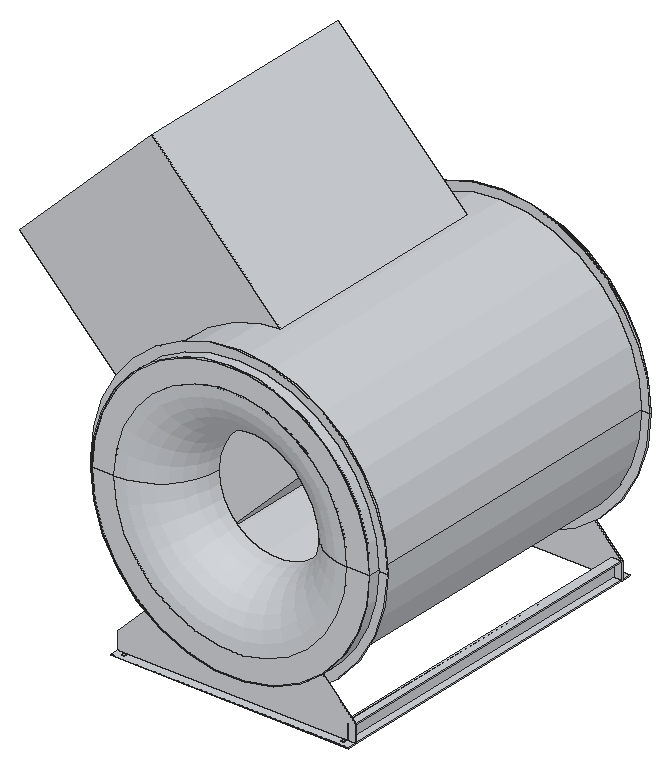
Revit family "QMX-HP_Horizontal_Level_2", category Mechanical Equipment, Revit 2019
Family settings
  Round Connector Dimension = Use Radius
  Part Type = Normal
  OmniClass Number = 23.75.35.17
  OmniClass Title = Fans
  Work Plane-Based = No
  Always vertical = Yes
  Cut with Voids When Loaded = No
  Shared = No
  Room Calculation Point = No
Parameters (values of type "330-QMX-HP_HOR_LEVEL_2")
  Unit Weight [instance] = ""
  Type_Mark [instance] = ""
  Sones [instance] = ""
  ROTATION = 45.00°  # constant formula
  POSITION [instance] = if(MOT_H, 84", if(MOT_G, 72", if(MOT_F, 60", if(MOT_E, 48", if(MOT_D, 36", if(MOT_C, 24", if(MOT_B, 12", 0")))))))  # 84"
  Motor RPM [instance] = ""
  Motor Enclosure [instance] = ""
  ModelID [instance] = ""
  MOT_H [instance] = yes
  MOT_G [instance] = no
  MOT_F [instance] = no
  MOT_E [instance] = no
  MOT_D [instance] = no
  MOT_C [instance] = no
  MOT_B [instance] = no
  MOT_A [instance] = no
  MOTOR_H [instance] = if(POSITION = 84", E - D, 1")  # 47 13/16"
  MOTOR_G [instance] = if(POSITION = 72", E - D, 1")  # 1"
  MOTOR_F [instance] = if(POSITION = 60", E - D, 1")  # 1"
  MOTOR_E [instance] = if(POSITION = 48", E - D, 1")  # 1"
  MOTOR_D [instance] = if(POSITION = 36", E - D, 1")  # 1"
  MOTOR_C [instance] = if(POSITION = 24", E - D, 1")  # 1"
  MOTOR_B [instance] = if(POSITION = 12", E - D, 1")  # 1"
  MOTOR_A [instance] = if(POSITION = 0", E - D, 1")  # 1"
  MCHALF = 15 149/256"
  MOTORCOVER = MCHALF * 2  # 31 21/128"
  LwA [instance] = ""
  H/2 = H / 2  # 11/32"
  H = 11/16"
  G/2 = G / 2  # 28 9/16"
  Fan RPM [instance] = ""
  Brake Hp [instance] = ""
  Accessories [instance] = ""
  90 = 90.00°  # constant formula
  45 = 45.00°
  3 = 3"  # constant formula
  1.9375 = 1 15/16"  # constant formula
  -B/3*2 = -B / 3 * 2  # -39"
  -(G/2)-.75 = -((G / 2) - 3/4")  # -27 13/16"
  (G/2)-.75 = (G / 2) - 3/4"  # 27 13/16"
  G+1.5 = G + 1 1/2"  # 58 5/8"
  G = 57 1/8"
  F/2 = F / 2  # 18 3/8"
  F-1.5 = F - 1 1/2"  # 35 1/4"
  F+1.5 = F + 1 1/2"  # 38 1/4"
  F = 36 3/4"
  E-D-1.5 = E - D - 1 1/2"  # 46 5/16"
  E-D = E - D  # 47 13/16"
  E = 74 13/16"
  D = 27"
  C/2 = C / 2  # 24 7/8"
  C = 49 3/4"
  B/8 = B / 6  # 9 3/4"
  B/6 = B / 6  # 9 3/4"
  B/3*2 = B / 3 * 2  # 39"
  B/2 = B / 2  # 29 1/4"
  B/10 = B / 10  # 5.85"
  B = 58 1/2"
  A/8 = A / 8  # 5 27/32"
  A/4 = A / 4  # 11 11/16"
  A/2 = A / 2  # 23 3/8"
  A = 46 3/4"
  0 = 0"  # constant formula
  Voltage [instance] = 0 V
  URL = "www.lorencook.com"
  Type Comments = "Mixed Flow Inline Horizontal Mount Level 2 Belt Drive Arrangement 9"  # constant formula
  Static Pressure [instance] = 0.00 in-wg
  Power [instance] = Voltage * Motor FLA * sqrt(if(Phase = 3, 3, 1))  # 0 VA
  Phase [instance] = 0
  Number of Poles [instance] = 1
  Motor Hp [instance] = "0"
  Motor FLA [instance] = 0 A
  Model = "QMX-HP Level 2"  # constant formula
  Manufacturer = "Loren Cook Company"
  CFM [instance] = 0 CFM
  1.5 = 1 1/2"  # constant formula
  ONE EIGTH = 1/8"  # constant formula
  -(B/2) = -(B / 2)  # -29 1/4"
  (F+3)/2 = (F + 3") / 2  # 19 7/8"
  (A/2)-.125 = (A / 2) - 1/8"  # 23 1/4"
Types (19): name | POSITION | MOT_H | MOT_G | MOT_B | MOTOR_H | MOTOR_G | MOTOR_B | MCHALF | MOTORCOVER | H/2 | H | G/2 | -B/3*2 | -(G/2)-.75 | (G/2)-.75 | G+1.5 | G | F/2 | F-1.5 | F+1.5 | F | E-D-1.5 | E-D | E | D | C/2 | C | B/8 | B/6 | B/3*2 | B/2 | B/10 | B | A/8 | A/4 | A/2 | A | -(B/2) | (F+3)/2 | (A/2)-.125
  (no name) | 84" | yes | no | no | 47 13/16" | 1" | 1" | 15 149/256" | 31 21/128" | 11/32" | 11/16" | 28 9/16" | -39" | -27 13/16" | 27 13/16" | 58 5/8" | 57 1/8" | 18 3/8" | 35 1/4" | 38 1/4" | 36 3/4" | 46 5/16" | 47 13/16" | 74 13/16" | 27" | 24 7/8" | 49 3/4" | 9 3/4" | 9 3/4" | 39" | 29 1/4" | 5.85" | 58 1/2" | 5 27/32" | 11 11/16" | 23 3/8" | 46 3/4" | -29 1/4" | 19 7/8" | 23 1/4"
  90-QMX-HP_HOR_LEVEL_2 | 84" | yes | no | no | 22 3/4" | 1" | 1" | 6" | 12" | 1/4" | 1/2" | 9 3/16" | -13 1/4" | -8 7/16" | 8 7/16" | 19 7/8" | 18 3/8" | 6 3/16" | 10 7/8" | 13 7/8" | 12 3/8" | 21 1/4" | 22 3/4" | 31 1/4" | 8 1/2" | 7 15/16" | 15 7/8" | 3 5/16" | 3 5/16" | 13 1/4" | 9 15/16" | 1.9875" | 19 7/8" | 1 77/128" | 3 13/64" | 6 13/32" | 12 13/16" | -9 15/16" | 7 11/16" | 6 9/32"
  120-QMX-HP_HOR_LEVEL_2 | 84" | yes | no | no | 26 3/16" | 1" | 1" | 8" | 16" | 1/4" | 1/2" | 11 1/4" | -16" | -10 1/2" | 10 1/2" | 24" | 22 1/2" | 7 3/4" | 14" | 17" | 15 1/2" | 24 11/16" | 26 3/16" | 36 11/16" | 10 1/2" | 10 1/32" | 20 1/16" | 4" | 4" | 16" | 12" | 2.4" | 24" | 2 17/128" | 4 17/64" | 8 17/32" | 17 1/16" | -12" | 9 1/4" | 8 13/32"
  135-QMX-HP_HOR_LEVEL_2 | 84" | yes | no | no | 27 3/8" | 1" | 1" | 9" | 18" | 1/4" | 1/2" | 12 3/4" | -18" | -12" | 12" | 27" | 25 1/2" | 8 3/4" | 16" | 19" | 17 1/2" | 25 7/8" | 27 3/8" | 39 3/8" | 12" | 11 1/8" | 22 1/4" | 4 1/2" | 4 1/2" | 18" | 13 1/2" | 2.7" | 27" | 2 13/32" | 4 13/16" | 9 5/8" | 19 1/4" | -13 1/2" | 10 1/4" | 9 1/2"
  150-QMX-HP_HOR_LEVEL_2 | 84" | yes | no | no | 28 7/8" | 1" | 1" | 10" | 20" | 1/4" | 1/2" | 14 5/16" | -20" | -13 9/16" | 13 9/16" | 30 1/8" | 28 5/8" | 9 3/8" | 17 1/4" | 20 1/4" | 18 3/4" | 27 3/8" | 28 7/8" | 42 1/16" | 13 3/16" | 12 3/16" | 24 3/8" | 5" | 5" | 20" | 15" | 3" | 30" | 2 43/64" | 5 11/32" | 10 11/16" | 21 3/8" | -15" | 10 7/8" | 10 9/16"
  165-QMX-HP_HOR_LEVEL_2 | 84" | yes | no | no | 29 5/16" | 1" | 1" | 10" | 20" | 1/4" | 1/2" | 15 13/16" | -22" | -15 1/16" | 15 1/16" | 33 1/8" | 31 5/8" | 10 13/32" | 19 5/16" | 22 5/16" | 20 13/16" | 27 13/16" | 29 5/16" | 43 5/8" | 14 5/16" | 13 1/4" | 26 1/2" | 5 1/2" | 5 1/2" | 22" | 16 1/2" | 3.3" | 33" | 2 15/16" | 5 7/8" | 11 3/4" | 23 1/2" | -16 1/2" | 11 29/32" | 11 5/8"
  180-QMX-HP_HOR_LEVEL_2 | 84" | yes | no | no | 30 3/4" | 1" | 1" | 10" | 20" | 9/32" | 9/16" | 16 13/16" | -23.33333" | -16 1/16" | 16 1/16" | 35 1/8" | 33 5/8" | 11 13/32" | 21 5/16" | 24 5/16" | 22 13/16" | 29 1/4" | 30 3/4" | 46 1/4" | 15 1/2" | 14 5/16" | 28 5/8" | 5.83333" | 5.83333" | 23.33333" | 17 1/2" | 3 1/2" | 35" | 3 13/64" | 6 13/32" | 12 13/16" | 25 5/8" | -17 1/2" | 12 29/32" | 12 11/16"
  202-QMX-HP_HOR_LEVEL_2 | 84" | yes | no | no | 32 11/16" | 1" | 1" | 10" | 20" | 9/32" | 9/16" | 18 1/16" | -25" | -17 5/16" | 17 5/16" | 37 5/8" | 36 1/8" | 12 1/8" | 22 3/4" | 25 3/4" | 24 1/4" | 31 3/16" | 32 11/16" | 49 15/16" | 17 1/4" | 15 7/8" | 31 3/4" | 6 1/4" | 6 1/4" | 25" | 18 3/4" | 3 3/4" | 37 1/2" | 3 19/32" | 7 3/16" | 14 3/8" | 28 3/4" | -18 3/4" | 13 5/8" | 14 1/4"
  225-QMX-HP_HOR_LEVEL_2 | 84" | yes | no | no | 36 13/16" | 1" | 1" | 10 165/256" | 21 37/128" | 9/32" | 9/16" | 19 13/16" | -27.33333" | -19 1/16" | 19 1/16" | 41 1/8" | 39 5/8" | 13 15/32" | 25 7/16" | 28 7/16" | 26 15/16" | 35 5/16" | 36 13/16" | 55 13/16" | 19" | 17 15/32" | 34 15/16" | 6.83333" | 6.83333" | 27.33333" | 20 1/2" | 4.1" | 41" | 3 127/128" | 7 63/64" | 15 31/32" | 31 15/16" | -20 1/2" | 14 31/32" | 15 27/32"
  245-QMX-HP_HOR_LEVEL_2 | 84" | yes | no | no | 38 1/2" | 1" | 1" | 11 149/256" | 23 21/128" | 11/32" | 11/16" | 21 9/16" | -29.66667" | -20 13/16" | 20 13/16" | 44 5/8" | 43 1/8" | 14 15/32" | 27 7/16" | 30 7/16" | 28 15/16" | 37" | 38 1/2" | 59" | 20 1/2" | 18 7/8" | 37 3/4" | 7.41667" | 7.41667" | 29.66667" | 22 1/4" | 4.45" | 44 1/2" | 4 11/32" | 8 11/16" | 17 3/8" | 34 3/4" | -22 1/4" | 15 31/32" | 17 1/4"
  270-QMX-HP_HOR_LEVEL_2 | 12" | no | no | yes | 1" | 1" | 40 7/16" | 12 197/256" | 25 69/128" | 11/32" | 11/16" | 22 13/16" | -31.33333" | -22 1/16" | 22 1/16" | 47 1/8" | 45 5/8" | 15 1/2" | 29 1/2" | 32 1/2" | 31" | 38 15/16" | 40 7/16" | 62 7/8" | 22 7/16" | 20 21/32" | 41 5/16" | 7.83333" | 7.83333" | 31.33333" | 23 1/2" | 4.7" | 47" | 4 101/128" | 9 37/64" | 19 5/32" | 38 5/16" | -23 1/2" | 17" | 19 1/32"
  300-QMX-HP_HOR_LEVEL_2 | 84" | yes | no | no | 43 5/16" | 1" | 1" | 14 43/256" | 28 43/128" | 11/32" | 11/16" | 26 5/16" | -36" | -25 9/16" | 25 9/16" | 54 1/8" | 52 5/8" | 16 7/8" | 32 1/4" | 35 1/4" | 33 3/4" | 41 13/16" | 43 5/16" | 68 1/16" | 24 3/4" | 22 3/4" | 45 1/2" | 9" | 9" | 36" | 27" | 5.4" | 54" | 5 5/16" | 10 5/8" | 21 1/4" | 42 1/2" | -27" | 18 3/8" | 21 1/8"
  330-QMX-HP_HOR_LEVEL_2 | 84" | yes | no | no | 47 13/16" | 1" | 1" | 15 149/256" | 31 21/128" | 11/32" | 11/16" | 28 9/16" | -39" | -27 13/16" | 27 13/16" | 58 5/8" | 57 1/8" | 18 3/8" | 35 1/4" | 38 1/4" | 36 3/4" | 46 5/16" | 47 13/16" | 74 13/16" | 27" | 24 7/8" | 49 3/4" | 9 3/4" | 9 3/4" | 39" | 29 1/4" | 5.85" | 58 1/2" | 5 27/32" | 11 11/16" | 23 3/8" | 46 3/4" | -29 1/4" | 19 7/8" | 23 1/4"
  365-QMX-HP_HOR_LEVEL_2 | 84" | yes | no | no | 50 7/16" | 1" | 1" | 17 1/4" | 34 1/2" | 13/32" | 13/16" | 31 11/16" | -42.66667" | -30 15/16" | 30 15/16" | 64 7/8" | 63 3/8" | 20 1/4" | 39" | 42" | 40 1/2" | 48 15/16" | 50 7/16" | 80 1/4" | 29 13/16" | 27 3/8" | 54 3/4" | 10.66667" | 10.66667" | 42.66667" | 32" | 6.4" | 64" | 6 15/32" | 12 15/16" | 25 7/8" | 51 3/4" | -32" | 21 3/4" | 25 3/4"
  402-QMX-HP_HOR_LEVEL_2 | 72" | no | yes | no | 1" | 55 5/8" | 1" | 18 251/256" | 37 123/128" | 13/32" | 13/16" | 33 15/16" | -45.66667" | -33 3/16" | 33 3/16" | 69 3/8" | 67 7/8" | 22" | 42 1/2" | 45 1/2" | 44" | 54 1/8" | 55 5/8" | 88 5/16" | 32 11/16" | 29 31/32" | 59 15/16" | 11.41667" | 11.41667" | 45.66667" | 34 1/4" | 6.85" | 68 1/2" | 7 15/128" | 14 15/64" | 28 15/32" | 56 15/16" | -34 1/4" | 23 1/2" | 28 11/32"
  445-QMX-HP_HOR_LEVEL_2 | 84" | yes | no | no | 58 7/8" | 1" | 1" | 21 5/256" | 42 5/128" | 13/32" | 13/16" | 36 11/16" | -49.33333" | -35 15/16" | 35 15/16" | 74 7/8" | 73 3/8" | 24 1/8" | 46 3/4" | 49 3/4" | 48 1/4" | 57 3/8" | 58 7/8" | 94 7/8" | 36" | 33 1/32" | 66 1/16" | 12.33333" | 12.33333" | 49.33333" | 37" | 7.4" | 74" | 7 113/128" | 15 49/64" | 31 17/32" | 63 1/16" | -37" | 25 5/8" | 31 13/32"
  490-QMX-HP_HOR_LEVEL_2 | 84" | yes | no | no | 63 15/16" | 1" | 1" | 23 1/8" | 46 1/4" | 13/32" | 13/16" | 39 15/16" | -53.66667" | -39 3/16" | 39 3/16" | 81 3/8" | 79 7/8" | 26 3/8" | 51 1/4" | 54 1/4" | 52 3/4" | 62 7/16" | 63 15/16" | 103 3/8" | 39 7/16" | 36 1/4" | 72 1/2" | 13.41667" | 13.41667" | 53.66667" | 40 1/4" | 8.05" | 80 1/2" | 8 43/64" | 17 11/32" | 34 11/16" | 69 3/8" | -40 1/4" | 27 7/8" | 34 9/16"
  540-QMX-HP_HOR_LEVEL_2 | 84" | yes | no | no | 67 5/8" | 1" | 1" | 25 123/256" | 50 123/128" | 13/32" | 13/16" | 43 3/16" | -58" | -42 7/16" | 42 7/16" | 87 7/8" | 86 3/8" | 29" | 56 1/2" | 59 1/2" | 58" | 66 1/8" | 67 5/8" | 110 15/16" | 43 5/16" | 39 25/32" | 79 9/16" | 14 1/2" | 14 1/2" | 58" | 43 1/2" | 8.7" | 87" | 9 71/128" | 19 7/64" | 38 7/32" | 76 7/16" | -43 1/2" | 30 1/2" | 38 3/32"
  600-QMX-HP_HOR_LEVEL_2 | 84" | yes | no | no | 72 1/16" | 1" | 1" | 25 123/256" | 50 123/128" | 13/32" | 13/16" | 47 7/16" | -63.66667" | -46 11/16" | 46 11/16" | 96 3/8" | 94 7/8" | 32" | 62 1/2" | 65 1/2" | 64" | 70 9/16" | 72 1/16" | 122 1/16" | 50" | 44 3/16" | 88 3/8" | 15.91667" | 15.91667" | 63.66667" | 47 3/4" | 9.55" | 95 1/2" | 10 39/64" | 21 7/32" | 42 7/16" | 84 7/8" | -47 3/4" | 33 1/2" | 42 5/16"
Reference planes (in)
  plane 1 "Center (Front/Back)": y = 0
  plane 2: z = 0
  plane 3 "Center (Left/Right)": x = 0.40541
Forms (in)
  Extrusion 1, solid
    sketch origin (0, 0, 0) x (1, 0, 0) y (0, 0, 1)
      loop
        circle (0.40541, 0) r 23.375
      loop
        circle (0.40541, 0) r 23.25
    from -29.25 <- "-(B/2)" to 29.25 <- "B/2"
  Revolve 2, solid
    sketch origin (0, 0, 0) x (1, 0, 0) y (0, 1, 0)
      loop
        line (-22.84459, -29.25) -> (0.40541, -29.25) -> (0.40541, -19.5) -> (-22.84459, -19.5) -> (-22.84459, -29.25)
      axis (0.40541, -29.25) -> (0.40541, -19.5)
    angle from 0 to 360
  Revolve 3, void
    sketch origin (0, 0, 0) x (1, 0, 0) y (0, 1, 0)
      loop
        line (0.40541, -19.5) -> (-9.34459, -19.5)
        arc (-9.34459, -19.5) -> (-12.2003, -26.39429) -> (-19.09459, -29.25) r 9.75
        line (-19.09459, -29.25) -> (0.40541, -29.25) -> (0.40541, -19.5)
      axis (0.40541, -19.5) -> (0.40541, -29.25)
    angle from 0 to 360
  Revolve 4, solid
    sketch origin (0, 0, 0) x (1, 0, 0) y (0, 1, 0)
      loop
        line (0.40541, 29.25) -> (-9.34459, 29.25) -> (-9.34459, 0) -> (0.40541, 0) -> (0.40541, 29.25)
      axis (0.40541, 29.25) -> (0.40541, 0)
    angle from 0 to 360
  Revolve 5, solid
    sketch origin (0, 0, 0) x (1, 0, 0) y (0, 1, 0)
      loop
        line (-24.46959, 27.625) -> (-24.46959, 27.5) -> (-22.96959, 27.5) -> (-22.96959, 27.625) -> (-24.46959, 27.625)
      loop
        line (-24.46959, -27.375) -> (-24.46959, -27.5) -> (-22.96959, -27.5) -> (-22.96959, -27.375) -> (-24.46959, -27.375)
      axis (0.40541, 27.625) -> (0.40541, -27.5)
    angle from 0 to 360
  Extrusion 6, solid, visible <- "MOT_A"
    sketch origin (0.40541, 27.5, 0) x (-1, 0, 0) y (0, 0, -1)
      loop
        line (5.84375, 0) -> (-5.84375, 0) -> (-5.84375, -0.875) -> (5.84375, -0.875) -> (5.84375, 0)
    from 0 to 5.85 <- "B/10"
  Extrusion 7, solid, visible <- "MOT_A"
    sketch origin (0.40541, 21.65, 0) x (-1, 0, 0) y (0, 0, -1)
      loop
        line (15.58203, 0) -> (-15.58203, 0) -> (-15.58203, -1) -> (15.58203, -1) -> (15.58203, 0)
    from 0 to 39 <- "B/3*2"
  Extrusion 8, solid
    sketch origin (0, 0, 0) x (1, 0, 0) y (0, 0, 1)
      loop
        line (-19.46959, -24) -> (-19.46959, -24.125) -> (-18.09459, -24.125) -> (-18.09459, -26.875) -> (-19.46959, -26.875) -> (-19.46959, -27) -> (-17.96959, -27) -> (-17.96959, -24) -> (-19.46959, -24)
    from -27.8125 <- "-(G/2)-.75" to 27.8125 <- "(G/2)-.75"
  Extrusion 9, solid
    sketch origin (0.81082, 0, 0) x (-1, 0, 0) y (0, 0, -1)
      loop
        line (-19.46959, 24) -> (-17.96959, 24) -> (-17.96959, 27) -> (-19.46959, 27) -> (-19.46959, 26.875) -> (-18.09459, 26.875) -> (-18.09459, 24.125) -> (-19.46959, 24.125) -> (-19.46959, 24)
    from -27.8125 <- "-(G/2)-.75" to 27.8125 <- "(G/2)-.75"
  Extrusion 10, solid
    sketch origin (0, -27.8125, 0) x (1, 0, 0) y (0, 0, 1)
      loop
        line (20.28041, -27) -> (20.28041, -24) -> (14.74235, -18.46193)
        arc (14.74235, -18.46193) -> (0.40541, -23.375) -> (-13.93152, -18.46193) r 23.375
        line (-13.93152, -18.46193) -> (-19.46959, -24) -> (-19.46959, -27) -> (20.28041, -27)
    from 0 to 0.125
  Extrusion 11, solid
    sketch origin (0, 27.8125, 0) x (-1, 0, 0) y (0, 0, 1)
      loop
        line (19.46959, -27) -> (19.46959, -24) -> (13.93152, -18.46193)
        arc (13.93152, -18.46193) -> (-0.40541, -23.375) -> (-14.74235, -18.46193) r 23.375
        line (-14.74235, -18.46193) -> (-20.28041, -24) -> (-20.28041, -27) -> (19.46959, -27)
    from 0 to 0.125
  Extrusion 12, solid
    sketch origin (18.78041, 0, -27) x (0, -1, 0) y (-1, 0, 0)
      loop
        line (27.9375, -1.5) -> (29.4375, -1.5) -> (29.4375, 38.25) -> (27.9375, 38.25) -> (27.9375, -1.5)
      loop
        line (-27.9375, -1.5) -> (-27.9375, 38.25) -> (-29.4375, 38.25) -> (-29.4375, -1.5) -> (-27.9375, -1.5)
    from 0 to -0.125
  Extrusion 13, void
    sketch origin (18.78041, 0, -26.875) x (1, 0, 0) y (0, -1, 0)
      loop
        circle (0, 28.5625) r 0.34375
      loop
        circle (-36.75, 28.5625) r 0.34375
      loop
        circle (-36.75, -28.5625) r 0.34375
      loop
        circle (0, -28.5625) r 0.34375
    from 0 to 0.125
  Extrusion 14, solid, visible <- "MOT_B"
    sketch origin (0.40541, -17.35, 0) x (-1, 0, 0) y (0, 0, -1)
      loop
        line (11.01816, -11.01816) -> (-11.01816, 11.01816) -> (-11.72527, 10.31105) -> (10.31105, -11.72527) -> (11.01816, -11.01816)
    from 0 to -39 <- "-B/3*2"
  Extrusion 15, solid, visible <- "MOT_C"
    sketch origin (0.40541, -17.35, 0) x (-1, 0, 0) y (0, 0, -1)
      loop
        line (-1, -15.58203) -> (0, -15.58203) -> (0, 15.58203) -> (-1, 15.58203) -> (-1, -15.58203)
    from 0 to -39 <- "-B/3*2"
  Extrusion 16, solid, visible <- "MOT_D"
    sketch origin (0.40541, -17.35, 0) x (-1, 0, 0) y (0, 0, -1)
      loop
        line (11.01816, 11.01816) -> (10.31105, 11.72527) -> (-11.72527, -10.31105) -> (-11.01816, -11.01816) -> (11.01816, 11.01816)
    from 0 to -39 <- "-B/3*2"
  Extrusion 17, solid, visible <- "MOT_E"
    sketch origin (0.40541, -17.35, 0) x (-1, 0, 0) y (0, 0, -1)
      loop
        line (15.58203, 1) -> (-15.58203, 1) -> (-15.58203, 0) -> (15.58203, 0) -> (15.58203, 1)
    from 0 to -39 <- "-B/3*2"
  Extrusion 18, solid, visible <- "MOT_F"
    sketch origin (0.40541, -17.35, 0) x (-1, 0, 0) y (0, 0, -1)
      loop
        line (11.72527, -10.31105) -> (-10.31105, 11.72527) -> (-11.01816, 11.01816) -> (11.01816, -11.01816) -> (11.72527, -10.31105)
    from 0 to -39 <- "-B/3*2"
  Extrusion 19, solid, visible <- "MOT_G"
    sketch origin (0.40541, -17.35, 0) x (-1, 0, 0) y (0, 0, -1)
      loop
        line (1, -15.58203) -> (1, 15.58203) -> (0, 15.58203) -> (0, -15.58203) -> (1, -15.58203)
    from 0 to -39 <- "-B/3*2"
  Extrusion 20, solid, visible <- "MOT_H"
    sketch origin (0.40541, -17.35, 0) x (-1, 0, 0) y (0, 0, -1)
      loop
        line (22.79038, -44.8267) -> (44.8267, -22.79038) -> (11.01816, 11.01816) -> (-11.01816, -11.01816) -> (22.79038, -44.8267)
    from 0 to -39 <- "-B/3*2"
  Extrusion 21, solid, visible <- "MOT_B"
    sketch origin (0.40541, 21.65, 0) x (1, 0, 0) y (0, 0, -1)
      loop
        line (4.75087, 3.51344) -> (4.13216, 4.13216) -> (-4.13216, -4.13216) -> (-3.51344, -4.75087) -> (4.75087, 3.51344)
    from 0 to 5.85 <- "B/10"
  Extrusion 22, solid, visible <- "MOT_C"
    sketch origin (0.40541, 21.65, 0) x (1, 0, 0) y (0, 0, -1)
      loop
        line (0.875, -5.84375) -> (0.875, 5.84375) -> (0, 5.84375) -> (0, -5.84375) -> (0.875, -5.84375)
    from 0 to 5.85 <- "B/10"
  Extrusion 23, solid, visible <- "MOT_D"
    sketch origin (0.40541, 21.65, 0) x (1, 0, 0) y (0, 0, -1)
      loop
        line (4.75087, -3.51344) -> (-3.51344, 4.75087) -> (-4.13216, 4.13216) -> (4.13216, -4.13216) -> (4.75087, -3.51344)
    from 0 to 5.85 <- "B/10"
  Extrusion 24, solid, visible <- "MOT_E"
    sketch origin (0.40541, 21.65, 0) x (1, 0, 0) y (0, 0, -1)
      loop
        line (5.84375, 0.875) -> (-5.84375, 0.875) -> (-5.84375, 0) -> (5.84375, 0) -> (5.84375, 0.875)
    from 0 to 5.85 <- "B/10"
  Extrusion 25, solid, visible <- "MOT_F"
    sketch origin (0.40541, 21.65, 0) x (1, 0, 0) y (0, 0, -1)
      loop
        line (4.13216, 4.13216) -> (3.51344, 4.75087) -> (-4.75087, -3.51344) -> (-4.13216, -4.13216) -> (4.13216, 4.13216)
    from 0 to 5.85 <- "B/10"
  Extrusion 26, solid, visible <- "MOT_G"
    sketch origin (0.40541, 21.65, 0) x (1, 0, 0) y (0, 0, -1)
      loop
        line (0, -5.84375) -> (0, 5.84375) -> (-0.875, 5.84375) -> (-0.875, -5.84375) -> (0, -5.84375)
    from 0 to 5.85 <- "B/10"
  Extrusion 27, solid, visible <- "MOT_H"
    sketch origin (0.40541, 21.65, 0) x (1, 0, 0) y (0, 0, -1)
      loop
        line (-29.588, -37.85231) -> (4.13216, -4.13216) -> (-4.13216, 4.13216) -> (-37.85231, -29.588) -> (-29.588, -37.85231)
    from 0 to 5.85 <- "B/10"
Cuts and joins
  Revolve 3 cuts Revolve 2
  Extrusion 13 cuts Extrusion 8
  Extrusion 13 cuts Extrusion 9
  Extrusion 13 cuts Extrusion 10
  Extrusion 13 cuts Extrusion 11
  Extrusion 13 cuts Extrusion 12
Lines and regions (in)
  reference lines
    curve 1: line (0.40541, -27.8125, 0) -> (-33.40313, -27.8125, 33.80854)
    curve 2: line (0.40541, -27.8125, 0) -> (34.21396, -27.8125, 33.80854)
    curve 3: line (-33.40313, -27.8125, -33.80854) -> (0.40541, -27.8125, 0)
    curve 4: line (0.40541, -27.8125, 0) -> (34.21396, -27.8125, -33.80854)
Dimensions and locks (in)
  "0": Extrusion 1 sketch curve to level  (x2)
  "0": Revolve 2 sketch curve to plane 3 "Center (Left/Right)"  (x2)
  "0": Revolve 2 sketch curve to Extrusion 1
  "(A/2)-.125": Revolve 2 sketch curve to plane 3 "Center (Left/Right)"
  "B/8": Revolve 2 sketch curve to Extrusion 1
  "B/8": Revolve 3 sketch curve to plane 3 "Center (Left/Right)"
  "0": Revolve 3 sketch curve to Extrusion 1
  "0": Revolve 3 sketch curve to Revolve 2
  "0": Revolve 3 sketch curve to plane 3 "Center (Left/Right)"  (x2)
  "0": Revolve 4 sketch curve to plane 1 "Center (Front/Back)"
  "0": Revolve 4 sketch curve to plane 3 "Center (Left/Right)"  (x2)
  "B/8": Revolve 4 sketch curve to Revolve 4 sketch curve
  "ONE EIGTH": Revolve 5 sketch curve to Revolve 5 sketch curve  (x2)
  "A/2": Revolve 5 sketch curve to plane 3 "Center (Left/Right)"  (x2)
  "C/2": Revolve 5 sketch curve to plane 3 "Center (Left/Right)"  (x2)
  "0": Revolve 5 sketch curve to plane 3 "Center (Left/Right)"
  "(F+3)/2": plane 3 "Center (Left/Right)" to Extrusion 8 sketch curve
  "3": Extrusion 8 sketch curve to Extrusion 8 sketch curve
  "ONE EIGTH": Extrusion 8 sketch curve to Extrusion 8 sketch curve  (x3)
  "1.5": Extrusion 8 sketch curve to Extrusion 8 sketch curve
  "D": level to Extrusion 8 sketch curve
  "3": Extrusion 9 sketch curve to Extrusion 9 sketch curve
  "ONE EIGTH": Extrusion 9 sketch curve to Extrusion 9 sketch curve  (x3)
  "1.5": Extrusion 9 sketch curve to Extrusion 9 sketch curve
  "D": level to Extrusion 9 sketch curve
  "(F+3)/2": Extrusion 9 sketch curve to plane 3 "Center (Left/Right)"
  "0": Extrusion 10 sketch curve to plane 3 "Center (Left/Right)"
  "0": level to Extrusion 10 sketch curve
  "0": Extrusion 9 to Extrusion 10 sketch curve  (x3)
  "0": Extrusion 10 sketch curve to Extrusion 8  (x2)
  "0": Extrusion 10 sketch curve to Extrusion 10 sketch curve
  Extrusion 9 to Extrusion 10 = 0"
  "0": Extrusion 10 to Extrusion 11 sketch curve
  "0": Extrusion 11 sketch curve to level
  "0": Extrusion 11 sketch curve to plane 3 "Center (Left/Right)"
  "0": Extrusion 12 sketch curve to Extrusion 8  (x2)
  "1.5": Extrusion 10 to Extrusion 12 sketch curve
  "0": Extrusion 12 sketch curve to Extrusion 10
  "0": Extrusion 9 to Extrusion 12 sketch curve
  "0": Extrusion 12 sketch curve to Extrusion 11
  "1.5": Extrusion 12 sketch curve to Extrusion 11
  "0": Extrusion 12 sketch curve to Extrusion 9
  "G/2": plane 1 "Center (Front/Back)" to Extrusion 13 sketch curve  (x2)
  "F/2": plane 3 "Center (Left/Right)" to Extrusion 13 sketch curve  (x2)
  "F/2": Extrusion 13 sketch curve to plane 3 "Center (Left/Right)"  (x2)
  "G/2": Extrusion 13 sketch curve to plane 1 "Center (Front/Back)"  (x2)
  "1.9375": cut or joined group of Extrusion 12, Extrusion 13 to Revolve 5 sketch curve  (x2)
  "0": Extrusion 1 to Revolve 4 sketch curve
  "0": curve 1 to level
  "0": plane 3 "Center (Left/Right)" to curve 1
  "E-D": curve 1 to curve 1
  "0": curve 2 to plane 3 "Center (Left/Right)"
  "0": curve 2 to level
  "E-D": curve 2 to curve 2
  "MCHALF": plane 3 "Center (Left/Right)" to Extrusion 7 sketch curve
  "MCHALF": Extrusion 7 sketch curve to plane 3 "Center (Left/Right)"
  "0": Extrusion 7 sketch curve to level
  "MOTOR_A": Extrusion 7 sketch curve to level
  "0": Extrusion 6 sketch curve to level
  "ONE EIGTH": Extrusion 7 to Extrusion 6 sketch curve
  "A/8": plane 3 "Center (Left/Right)" to Extrusion 6 sketch curve  (x2)
  "0": level to curve 3
  "0": level to curve 4
  "0": curve 4 to plane 3 "Center (Left/Right)"
  "0": plane 3 "Center (Left/Right)" to curve 3
  "E-D": curve 3 to curve 3
  "E-D": curve 4 to curve 4
  "MCHALF": Extrusion 14 sketch curve to curve 2
  "MCHALF": curve 2 to Extrusion 14 sketch curve
  "MOTOR_B": Extrusion 14 sketch curve to Extrusion 14 sketch curve
  "0": Extrusion 14 sketch curve to curve 4
  "0": Extrusion 15 sketch curve to plane 3 "Center (Left/Right)"
  "MOTOR_C": Extrusion 15 sketch curve to plane 3 "Center (Left/Right)"
  "MCHALF": Extrusion 15 sketch curve to level
  "MCHALF": level to Extrusion 15 sketch curve
  "0": Extrusion 16 sketch curve to curve 3
  "MOTOR_D": Extrusion 16 sketch curve to curve 3
  "MCHALF": curve 4 to Extrusion 16 sketch curve
  "MCHALF": Extrusion 16 sketch curve to curve 4
  "0": Extrusion 17 sketch curve to level
  "MOTOR_E": level to Extrusion 17 sketch curve
  "MCHALF": Extrusion 17 sketch curve to plane 3 "Center (Left/Right)"  (x2)
  "0": curve 1 to Extrusion 18 sketch curve
  "MOTOR_F": curve 1 to Extrusion 18 sketch curve
  "MCHALF": Extrusion 18 sketch curve to curve 3  (x2)
  "0": Extrusion 19 sketch curve to plane 3 "Center (Left/Right)"
  "MOTOR_G": plane 3 "Center (Left/Right)" to Extrusion 19 sketch curve
  "MCHALF": Extrusion 19 sketch curve to level
  "MCHALF": level to Extrusion 19 sketch curve
  "0": curve 3 to Extrusion 20 sketch curve
  "MOTOR_H": curve 3 to Extrusion 20 sketch curve
  "MCHALF": Extrusion 20 sketch curve to curve 1  (x2)
  "0": Extrusion 21 sketch curve to curve 4
  "ONE EIGTH": Extrusion 21 sketch curve to Extrusion 14
  "A/8": curve 2 to Extrusion 21 sketch curve  (x2)
  "0": Extrusion 22 sketch curve to plane 3 "Center (Left/Right)"
  "ONE EIGTH": Extrusion 22 sketch curve to Extrusion 15
  "A/8": level to Extrusion 22 sketch curve
  "A/8": Extrusion 22 sketch curve to level
  "ONE EIGTH": Extrusion 16 to Extrusion 23 sketch curve
  "0": curve 3 to Extrusion 23 sketch curve
  "A/8": Extrusion 23 sketch curve to curve 4
  "A/8": curve 4 to Extrusion 23 sketch curve
  "ONE EIGTH": Extrusion 17 to Extrusion 24 sketch curve
  "0": Extrusion 24 sketch curve to level
  "A/8": Extrusion 24 sketch curve to Extrusion 19  (x2)
  "0": curve 4 to Extrusion 25 sketch curve
  "ONE EIGTH": Extrusion 18 to Extrusion 25 sketch curve
  "A/8": Extrusion 25 sketch curve to curve 3  (x2)
  "A/8": level to Extrusion 26 sketch curve
  "A/8": Extrusion 26 sketch curve to level
  "0": plane 3 "Center (Left/Right)" to Extrusion 26 sketch curve
  "ONE EIGTH": Extrusion 26 sketch curve to Extrusion 19
  "ONE EIGTH": Extrusion 27 sketch curve to Extrusion 20
  "0": Extrusion 27 sketch curve to Extrusion 20
  "A/8": curve 1 to Extrusion 27 sketch curve  (x2)
  "A/2": radius of Extrusion 1 sketch curve
  "(A/2)-.125": radius of Extrusion 1 sketch curve
  "B/8": radius of Revolve 3 sketch curve
  "A/2": radius of Extrusion 10 sketch curve
  "A/2": radius of Extrusion 11 sketch curve
  "H/2": radius of Extrusion 13 sketch curve  (x4)
  "45": angle Extrusion 8 to Extrusion 10 sketch curve
  "45": angle Extrusion 10 sketch curve to Extrusion 9
  "45": angle Extrusion 11 sketch curve to Extrusion 10
  "45": angle Extrusion 10 to Extrusion 11 sketch curve
  "ROTATION": angle curve 1 to level
  "90": angle curve 2 to curve 1
  "45": angle level to curve 3
  "45": angle curve 4 to level
Automatic sketch dimensions
  Extrusion 1 sketch curve to Extrusion 1 sketch curve = 0"
  Extrusion 1 sketch curve to plane 3 "Center (Left/Right)" = 0"
  Revolve 2 sketch curve to Revolve 2 sketch curve = 0"
  plane 1 "Center (Front/Back)" to Revolve 2 sketch curve = 3.17163"
  Revolve 3 sketch curve to Revolve 3 sketch curve = 0"  (x3)
  Revolve 3 sketch curve to Revolve 3 sketch curve = 3"
  Revolve 4 sketch curve to plane 1 "Center (Front/Back)" = 0"
  Revolve 4 sketch curve to Revolve 4 sketch curve = 4"
  Revolve 5 sketch curve to Revolve 5 sketch curve = 1 1/2"
  Revolve 5 sketch curve to Revolve 5 sketch curve = 4"
  Extrusion 8 sketch curve to Extrusion 8 sketch curve = 1 3/8"
  Extrusion 9 sketch curve to Extrusion 9 sketch curve = 0"
  Extrusion 10 sketch curve to Extrusion 8 = 0"
  Extrusion 10 sketch curve to Extrusion 10 sketch curve = 0"
  Extrusion 11 sketch curve to Extrusion 8 = 0"  (x4)
Connectors (in)
  hvac at (0.40541, -29.25, 0), driven by "A/2"
    settings: on cut or joined group of Revolve 2, Revolve 3, index 1, duct flow 0 CFM, flow factor 0, pres drop 0.00 in-wg, loss coef 0, conn angle 0.00°, conn width 12", conn height 12", conn diameter 46 3/4", duct sys type 29, conn prof type 0, flow config 0, flow direction 1, loss method 0, conn ref index -1, conn util no, is conn primary yes, conn desc ""
  hvac at (0.40541, 29.25, 0), driven by "A/2"
    settings: on Extrusion 1, index 2, duct flow 0 CFM, flow factor 0, pres drop 0.00 in-wg, loss coef 0, conn angle 0.00°, conn width 12", conn height 12", conn diameter 46 3/4", duct sys type 29, conn prof type 0, flow config 0, flow direction 2, loss method 0, conn ref index -1, conn util no, is conn primary no, conn desc ""
  electrical at (0.40541, -27.5, 0)
    settings: on Revolve 5, index 3, voltage 0 V, apparent load 0 VA, apparent load phase1 0 VA, apparent load phase2 0 VA, apparent load phase3 0 VA, power factor 1, load classification "Other", number of poles 1, system type 31, power factor state 1, is connector primary yes, connector utility no, sub classification motor no, connector description ""
